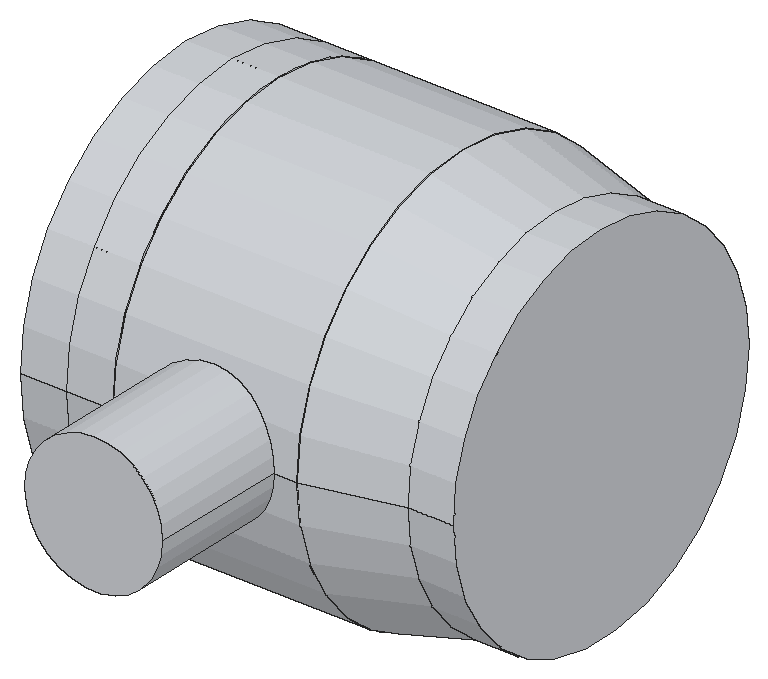
Revit family "M_Round Transition Straight Tee - DTL", category Duct Fittings, Revit 2014
Parameters (values of type "Standard")
  Tap Visibility 2 [instance] = Tap Offset < 0 mm  # no
  Tap Visibility 1 [instance] = not(Tap Offset < 0 mm)  # yes
  Radius 3 [instance] = if(Tap Angle 1 < 90.00°, Radius Out, Body Radius Judge)  # 225 mm
  Radius 2 [instance] = if(Tap Angle 1 > 90.00°, Radius In, Body Radius Judge)  # 225 mm
  Radius 1 [instance] = if(Tap Offset = 0 mm, 0.794 mm, abs(Tap Offset))  # 0.794 mm
  Length Out [instance] = 100 mm
  Length In [instance] = 50 mm
  Collar Out [instance] = 50 mm
  Collar In [instance] = 50 mm
  Length 1 [instance] = (Collar In Length + Collar Out Length + Body Length) * 2  # 900 mm
  Tap Radius [instance] = 75 mm
  Radius In [instance] = 225 mm
  Radius Out [instance] = 200 mm
  Offset 1 [instance] = Body Radius + Tap Offset  # 225 mm
  Tap Offset [instance] = 0 mm
  Length 2 Horizontal [instance] = if(Tap Angle 1 = 90.00°, Length In 1 + Collar In + abs(Tap Radius / sin((180.00° - Tap Angle 1))) + Tap Insert + Length 1 / 2, Length In 1 + Collar In + abs(Tap Radius / sin((180.00° - Tap Angle 1))) + Tap Insert + (Body Radius Judge) / tan((180.00° - Tap Angle 1)) + Length 1 / 2)  # 650 mm
  Length 2 [instance] = if(Tap Angle 1 = 90.00°, Tap Length + Length 3, Length 3 + Tap Length + abs(Tap Radius / tan(Tap Angle 1)))  # 375 mm
  Collar Out Length [instance] = Length Out 1 + Collar Out  # 150 mm
  Collar In Length [instance] = Length In 1 + Collar In  # 100 mm
  Tap Length [instance] = 150 mm
  Length Out 1 [instance] = if(Length Out = 0 mm, Length Out + 0.794 mm, Length Out)  # 100 mm
  Length In 1 [instance] = if(Length In = 0 mm, Length In + 0.794 mm, Length In)  # 50 mm
  Body Length [instance] = if(Length > Tap Diameter, Length, Tap Radius * 2 + Tap Insert)  # 200 mm
  Length 4 [instance] = if(Tap Offset = 0 mm, 300 mm + Body Radius Judge, Offset 1)  # 525 mm
  Length 3 [instance] = Body Radius Judge / sin(Tap Angle 1)  # 225 mm
  Length [instance] = 200 mm
  Tap Insert [instance] = 25 mm
  Tap Diameter [instance] = Tap Radius * 2  # 150 mm
  Diameter In [instance] = Radius In * 2  # 450 mm
  Diameter Out [instance] = Radius Out * 2  # 400 mm
  Body Radius Judge [instance] = if(and(Body Radius < Radius Out, Radius Out > Radius In), Radius Out, if(and(Body Radius < Radius In, Radius In > Radius Out), Radius In, Body Radius))  # 225 mm
  Body Radius [instance] = 225 mm
  Body Diameter [instance] = Body Radius * 2  # 450 mm
  Tap Angle 1 [instance] = 90.00°
  Assembly Code = ""
Reference planes
  plane 1 "Center (Front/Back)": y = 0
  plane 2: z = 0
  plane 3 "Center (Left/Right)": x = 0
  plane 4: x = -100
  plane 5: x = 100
  plane 6: x = -150
  plane 7: x = -200
  plane 8: x = 250
  plane 9: x = 200
  plane 10: y = 225
  plane 11: y = -225
  plane 12: z = 0
  plane 13: z = -225
  plane 14: z = 300
  plane 15: x = -650
  plane 16: x = 650
  plane 17: x = 900
Forms (mm)
  SweptBlend 1, solid, detail levels medium+fine
    path in 3D
      loop
        line (-100, 0, 0) -> (-150, 0, 0)
    profile origin (-100, 0, 0) x (0, -1, 0) y (0, 0, 1)
      loop
        circle (0, 0) r 225
    end profile origin (-150, 0, 0) x (0, -1, 0) y (0, 0, 1)
      loop
        circle (0, 0) r 225
  SweptBlend 2, solid, detail levels medium+fine
    path in 3D
      loop
        line (100, 0, 0) -> (200, 0, 0)
    profile origin (100, 0, 0) x (0, 1, 0) y (0, 0, 1)
      loop
        circle (0, 0) r 225
    end profile origin (200, 0, 0) x (0, 1, 0) y (0, 0, 1)
      loop
        circle (0, 0) r 200
  Sweep 3, solid, detail levels medium+fine
    path in 3D
      loop
        line (-200, 0, 0) -> (-100, 0, 0)
    profile origin (-150, 0, 0) x (0, 1, 0) y (0, 0, 1)
      loop
        circle (0, 0) r 225
  Sweep 4, solid, detail levels medium+fine
    path in 3D
      loop
        line (100, 0, 0) -> (250, 0, 0)
    profile origin (175, 0, 0) x (0, 1, 0) y (0, 0, 1)
      loop
        circle (0, 0) r 200
  Sweep 5, solid, detail levels medium+fine
    path in 3D
      loop
        line (-100, 0, 0) -> (100, 0, 0)
    profile origin (0, 0, 0) x (0, 1, 0) y (0, 0, 1)
      loop
        circle (0, 0) r 225
  Sweep 6, solid, detail levels medium+fine
    path in 3D
      loop
        line (0, 0, 0) -> (0, -375, 0)
    profile origin (0, -187.5, 0) x (1, 0, 0) y (0, 0, 1)
      loop
        circle (0, 0) r 75
  Sweep 7, void
    path in 3D
      loop
        line (-650, 0, 0) -> (-100, 0, 0)
    profile origin (-375, 0, 0) x (0, 1, 0) y (0, 0, 1)
      loop
        circle (0, 0) r 225
  Sweep 8, void
    path in 3D
      loop
        line (100, 0, 0) -> (900, 0, 0)
    profile origin (500, 0, 0) x (0, 1, 0) y (0, 0, 1)
      loop
        circle (0, 0) r 225
  Sweep 9, solid, not visible
    path in 3D
      loop
        line (0, 0, 0) -> (0, -375, 0)
    profile origin (0, -187.5, 0) x (1, 0, 0) y (0, 0, 1)
      loop
        arc (0, -0.794) -> (0.561, -0.561) -> (0.794, 0) r 0.794
        line (0.794, 0) -> (0, 0) -> (0, -0.794)
  Sweep 10, solid, not visible
    path in 3D
      loop
        line (0, 0, 0) -> (0, -375, 0)
    profile origin (0, -187.5, 0) x (1, 0, 0) y (0, 0, 1)
      loop
        line (0, 0.794) -> (0, 0) -> (0.794, 0)
        arc (0.794, 0) -> (0.561, 0.561) -> (0, 0.794) r 0.794
Cuts and joins
  Sweep 7, Sweep 8 cuts Sweep 6
  joined: Sweep 5, Sweep 6
  joined: SweptBlend 2, Sweep 4
Lines and regions (mm)
  model lines, detail levels coarse
    curve 1: line (-100, 0, 0) -> (100, 0, 0)
    curve 2: line (-100, 0, 0) -> (-150, 0, 0)
    curve 3: line (100, 0, 0) -> (200, 0, 0)
    curve 6: line (-200, 0, 0) -> (-100, 0, 0)
    curve 8: line (100, 0, 0) -> (250, 0, 0)
    curve 23: line (0, -375, 0) -> (0, 0, 0)
  sketch lines
    curve 4: line (-100, 0, 0) -> (-150, 0, 0)
    curve 5: line (100, 0, 0) -> (200, 0, 0)
    curve 7: line (-200, 0, 0) -> (-100, 0, 0)
    curve 9: line (100, 0, 0) -> (250, 0, 0)
    curve 10: line (-100, 0, 0) -> (100, 0, 0)
    curve 12: line (0, 0, 0) -> (0, -375, 0)
    curve 15: line (-650, 0, 0) -> (-100, 0, 0)
    curve 17: line (100, 0, 0) -> (900, 0, 0)
    curve 18: line (0, 0, 0) -> (0, -375, 0)
    curve 21: line (0, 0, 0) -> (0, -375, 0)
  reference lines
    curve 11: line (0, 0, 0) -> (0, -375, 0)
    curve 13: line (-650, 0, 0) -> (-100, 0, 0)
    curve 14: line (250, 0, 0) -> (650, 0, 0)
  reference lines, not visible
    curve 16: line (100, 0, 0) -> (900, 0, 0)
  model lines, visible <- "Tap Visibility 1", detail levels coarse
    curve 19: line (0, -375, 0) -> (0, 0, 0)
    curve 20: line (0, 0, -0.794) -> (0, 0, 0)
  model lines, visible <- "Tap Visibility 2", detail levels coarse
    curve 22: line (0, 0, 0) -> (0, 0, 0.794)
Dimensions and locks
  "Body Length": plane 4 to plane 5
  "Length In 1": plane 6 to plane 4
  "Length Out 1": plane 5 to plane 9
  "Body Radius": plane 10 to plane 1 "Center (Front/Back)"
  "Body Radius": plane 11 to plane 1 "Center (Front/Back)"
  "Body Radius": plane 2 to plane 13
  "Offset 1": plane 12 to plane 13
  "Length 2": curve 11 to curve 11
  "Length 4": plane 14 to plane 13
  "Collar In Length": plane 7 to plane 4
  "Collar Out Length": plane 5 to plane 8
  "Length 2 Horizontal": plane 15 to plane 3 "Center (Left/Right)"
  "Length 1": plane 15 to plane 8
  "Length 2 Horizontal": plane 3 "Center (Left/Right)" to plane 16
  "Length 2 Horizontal": plane 8 to plane 17
  "Body Radius Judge": radius of SweptBlend 1 sketch curve
  "Radius In": radius of SweptBlend 1 sketch curve
  "Body Radius Judge": radius of SweptBlend 2 sketch curve
  "Radius Out": radius of SweptBlend 2 sketch curve
  "Radius In": radius of Sweep 3 sketch curve
  "Radius Out": radius of Sweep 4 sketch curve
  "Body Radius Judge": radius of Sweep 5 sketch curve
  "Tap Radius": radius of Sweep 6 sketch curve
  "Radius 2": radius of Sweep 7 sketch curve
  "Radius 3": radius of Sweep 8 sketch curve
  "Radius 1": radius of Sweep 9 sketch curve
  "Radius 1": radius of Sweep 10 sketch curve
  "Tap Angle 1": angle curve 11 to plane 1 "Center (Front/Back)"
  aligned and locked: plane 1 "Center (Front/Back)" to curve 1
  aligned and locked: plane 5 to curve 1
  aligned and locked: plane 6 to curve 2
  aligned and locked: plane 9 to curve 3
  aligned and locked: plane 2 to SweptBlend 1 sketch curve  (x2)
  aligned and locked: plane 1 "Center (Front/Back)" to SweptBlend 1 sketch curve  (x2)
  aligned and locked: plane 1 "Center (Front/Back)" to SweptBlend 2 sketch curve  (x2)
  aligned and locked: plane 2 to SweptBlend 2 sketch curve  (x2)
  aligned and locked: plane 1 "Center (Front/Back)" to curve 6
  aligned and locked: plane 4 to curve 6
  aligned and locked: plane 7 to curve 6
  aligned and locked: plane 1 "Center (Front/Back)" to Sweep 3 sketch curve
  aligned and locked: plane 2 to Sweep 3 sketch curve
  aligned and locked: plane 8 to curve 8
  aligned and locked: plane 1 "Center (Front/Back)" to Sweep 4 sketch curve
  aligned and locked: plane 2 to Sweep 4 sketch curve
  aligned and locked: plane 2 to Sweep 5 sketch curve
  aligned and locked: plane 1 "Center (Front/Back)" to Sweep 5 sketch curve
  aligned and locked: plane 1 "Center (Front/Back)" to curve 11
  aligned and locked: plane 12 to Sweep 6 sketch curve
  aligned and locked: plane 3 "Center (Left/Right)" to curve 11
  aligned and locked: plane 1 "Center (Front/Back)" to curve 13
  aligned and locked: plane 15 to curve 13
  aligned and locked: plane 1 "Center (Front/Back)" to curve 14
  aligned and locked: plane 16 to curve 14
  aligned and locked: plane 2 to Sweep 7 sketch curve
  aligned and locked: profile plane to plane 1 "Center (Front/Back)"
  aligned and locked: plane 17 to curve 16
  aligned and locked: plane 2 to Sweep 8 sketch curve
  aligned and locked: plane 1 "Center (Front/Back)" to Sweep 8 sketch curve
  aligned and locked: plane 4 to curve 13
  aligned and locked: cut or joined group of Sweep 5, Sweep 6, Sweep 7, Sweep 8 to curve 16
  aligned and locked: plane 12 to Sweep 9 sketch curve
  aligned and locked: plane 12 to Sweep 10 sketch curve
Automatic sketch dimensions
  Sweep 6 sketch curve to profile plane = 0 mm
  Sweep 7 sketch curve to profile plane = 0 mm
  curve 16 to plane 1 "Center (Front/Back)" = 0 mm
  curve 16 to plane 5 = 0 mm
  curve 14 to plane 8 = 0 mm
  Sweep 9 sketch curve to profile plane = 0 mm
  curve 19 to Sweep 9 = 0 mm  (x2)
  curve 20 to Sweep 9 = 0 mm  (x2)
  Sweep 10 sketch curve to profile plane = 0 mm
  curve 22 to Sweep 10 = 0 mm
  curve 23 to Sweep 10 = 0 mm  (x3)
Connectors
  hvac at (-200, 0, 0), driven by "Radius In"
    settings: on Sweep 3, index 1, duct flow 0.0 L/s, flow factor 0, pres drop 0.0 Pa, loss coef 0, conn angle 0.00°, conn width 304.8 mm, conn height 304.8 mm, conn diameter 450 mm, duct sys type 28, conn prof type 0, flow config 0, flow direction 0, loss method 0, conn ref index 2, conn util no, is conn primary yes, conn desc ""
  hvac at (250, 0, 0), driven by "Radius Out"
    settings: on Sweep 4, index 2, duct flow 0.0 L/s, flow factor 0, pres drop 0.0 Pa, loss coef 0, conn angle 0.00°, conn width 304.8 mm, conn height 304.8 mm, conn diameter 400 mm, duct sys type 28, conn prof type 0, flow config 0, flow direction 0, loss method 0, conn ref index 1, conn util no, is conn primary no, conn desc ""
  hvac at (0, -375, 0), driven by "Tap Angle 1", driven by "Tap Radius"
    settings: on cut or joined group of Sweep 5, Sweep 6, Sweep 7, Sweep 8, index 3, duct flow 0.0 L/s, flow factor 0, pres drop 0.0 Pa, loss coef 0, conn angle 90.00°, conn width 304.8 mm, conn height 304.8 mm, conn diameter 150 mm, duct sys type 28, conn prof type 0, flow config 0, flow direction 0, loss method 0, conn ref index -1, conn util no, is conn primary no, conn desc ""
